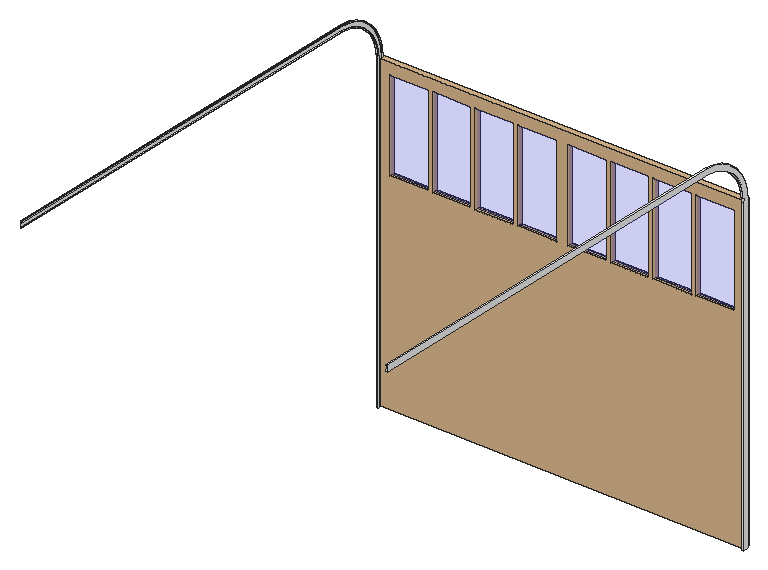
Revit family
Parameters (values of type "7Ft H x 8Ft W")
  Track Width = Width + 0' 2"  # 8' - 2"
  Track Height = Height + 1' 0"  # 8' - 0"
  Track Depth = 10' - 0"
  Track = Metal
  SmartBIM Object Version = 1  # constant formula
  SmartBIM Object Created By = "Reed Construction Data"  # constant formula
  Rough Width = 0' - 0"
  Rough Height = 0' - 0"
  Panel Thickness = 0' - 1 1/2"
  Manufacturer = ""
  Height = 7' - 0"
  Wall Closure = (empty or 0)
  Width = 8' - 0"
  Door Glass = Glass
  Door = Wood
  95 CSI = "08360"  # constant formula
  04 CSI = "08 36 13"  # constant formula
Types (3): name | Track Width | Width
  (no name) | 8' - 2" | 8' - 0"
  7Ft H x 8Ft W | 8' - 2" | 8' - 0"
  7Ft H x 16Ft W | 16' - 2" | 16' - 0"
Reference planes (in)
  plane 1 "Center (Front/Back)": y = 0
  plane 2 "Center (Left/Right)": x = 0
  plane 3 "Left": x = -48
  plane 4 "Right": x = 48
  plane 5 "Top": z = 84
  plane 6: x = -49
  plane 7: x = 49
  plane 8: y = -3.25
  plane 9: z = 29
  plane 10: z = 81
  plane 11: y = -2.5
  plane 12: y = -2.5
  plane 13 "Interior Edge": y = -3.25
  plane 14: y = -2.5
  plane 15 "Exterior Edge": y = -1.75
  plane 16: x = -24
  plane 17: x = 24
  plane 18: z = 3
  plane 19: z = 55
  plane 20: x = 12
  plane 21: x = 36
  plane 22: x = -36
  plane 23: x = -12
  plane 24: z = 56.5
  plane 25: y = -2.5
  plane 26: z = 53
  plane 27: z = 30
  plane 28: z = 28
  plane 29: z = 4
  plane 30: x = 1.5
  plane 31: x = -1.5
  plane 32: x = -46.5
  plane 33: x = 46.5
Forms (in)
  Extrusion 1, solid, material "Wood" <- "Door"
    sketch origin (0, 0, 0) x (1, 0, 0) y (0, 0, 1)
      loop
        line (-49, 84) -> (-49, 0) -> (49, 0) -> (49, 84) -> (-49, 84)
      loop
        line (-36, 81) -> (-46.5, 81) -> (-46.5, 56.5) -> (-36, 56.5) -> (-36, 81)
      loop
        line (-24.5, 81) -> (-35, 81) -> (-35, 56.5) -> (-24.5, 56.5) -> (-24.5, 81)
      loop
        line (-13, 81) -> (-23.5, 81) -> (-23.5, 56.5) -> (-13, 56.5) -> (-13, 81)
      loop
        line (-1.5, 81) -> (-12, 81) -> (-12, 56.5) -> (-1.5, 56.5) -> (-1.5, 81)
      loop
        line (1.5, 81) -> (1.5, 56.5) -> (12, 56.5) -> (12, 81) -> (1.5, 81)
      loop
        line (13, 81) -> (13, 56.5) -> (23.5, 56.5) -> (23.5, 81) -> (13, 81)
      loop
        line (24.5, 81) -> (24.5, 56.5) -> (35, 56.5) -> (35, 81) -> (24.5, 81)
      loop
        line (36, 81) -> (36, 56.5) -> (46.5, 56.5) -> (46.5, 81) -> (36, 81)
    from 1.75 to 3.25
  Extrusion 2, solid, material "Glass" <- "Door Glass"
    sketch origin (0, -3.25, 0) x (1, 0, 0) y (0, 0, 1)
      loop
        line (-46.5, 56.5) -> (-36, 56.5) -> (-36, 81) -> (-46.5, 81) -> (-46.5, 56.5)
      loop
        line (-35, 56.5) -> (-24.5, 56.5) -> (-24.5, 81) -> (-35, 81) -> (-35, 56.5)
      loop
        line (-23.5, 56.5) -> (-13, 56.5) -> (-13, 81) -> (-23.5, 81) -> (-23.5, 56.5)
      loop
        line (-12, 56.5) -> (-1.5, 56.5) -> (-1.5, 81) -> (-12, 81) -> (-12, 56.5)
      loop
        line (1.5, 56.5) -> (12, 56.5) -> (12, 81) -> (1.5, 81) -> (1.5, 56.5)
      loop
        line (13, 81) -> (13, 56.5) -> (23.5, 56.5) -> (23.5, 81) -> (13, 81)
      loop
        line (24.5, 81) -> (24.5, 56.5) -> (35, 56.5) -> (35, 81) -> (24.5, 81)
      loop
        line (36, 81) -> (36, 56.5) -> (46.5, 56.5) -> (46.5, 81) -> (36, 81)
    from -1 to -0.5
Lines and regions (in)
  Opening 1
    outline origin (-90, -1.75, 0) x (1, 0, 0) y (0, 0, 1)
      loop
        line (42, 0) -> (138, 0) -> (138, 84) -> (42, 84) -> (42, 0)
  model lines
    curve 1: line (48, -1.75, 53) -> (48, -1.75, 30)
    curve 2: line (-1.5, -1.75, 50.04319) -> (-1.5, -1.75, 30)
    curve 3: line (-46.5, -1.75, 30) -> (-46.5, -1.75, 50.04319)
    curve 4: line (46.5, -1.75, 4) -> (1.5, -1.75, 4)
    curve 5: line (46.5, -1.75, 28) -> (46.5, -1.75, 4)
    curve 6: line (27.17462, -1.75, 28) -> (46.5, -1.75, 28)
    curve 7: line (1.5, -1.75, 4) -> (1.5, -1.75, 28)
    curve 8: line (-1.5, -1.75, 28) -> (-1.5, -1.75, 6.95681)
    curve 9: line (-46.5, -1.75, 6.95681) -> (-46.5, -1.75, 28)
    curve 10: line (46.5, -1.75, 53) -> (1.5, -1.75, 53)
    curve 11: line (46.5, -1.75, 30) -> (46.5, -1.75, 53)
    curve 12: line (1.5, -1.75, 53) -> (1.5, -1.75, 30)
    curve 13: line (28.09299, -1.75, 30) -> (46.5, -1.75, 30)
    curve 18: line (24, -1.75, 25.54319) -> (4.21544, -1.75, 4)
    curve 19: line (43.78456, -1.75, 53) -> (24, -1.75, 31.45681)
    curve 20: line (4.21544, -1.75, 53) -> (24, -1.75, 31.45681)
    curve 21: line (24, -1.75, 25.54319) -> (43.78456, -1.75, 4)
    curve 22: line (1.5, -1.75, 50.04319) -> (19.90701, -1.75, 30)
    curve 23: line (46.5, -1.75, 50.04319) -> (28.09299, -1.75, 30)
    curve 24: line (19.90701, -1.75, 30) -> (1.5, -1.75, 30)
    curve 25: line (46.5, -1.75, 6.95681) -> (27.17462, -1.75, 28)
    curve 26: line (1.5, -1.75, 6.95681) -> (20.82538, -1.75, 28)
    curve 27: line (20.82538, -1.75, 28) -> (1.5, -1.75, 28)
    curve 28: line (-46.5, -1.75, 4) -> (-1.5, -1.75, 4)
    curve 29: line (-46.5, -1.75, 28) -> (-46.5, -1.75, 4)
    curve 30: line (-27.17462, -1.75, 28) -> (-46.5, -1.75, 28)
    curve 31: line (-1.5, -1.75, 4) -> (-1.5, -1.75, 28)
    curve 32: line (-46.5, -1.75, 53) -> (-1.5, -1.75, 53)
    curve 33: line (-46.5, -1.75, 30) -> (-46.5, -1.75, 53)
    curve 34: line (-1.5, -1.75, 53) -> (-1.5, -1.75, 30)
    curve 35: line (-28.09299, -1.75, 30) -> (-46.5, -1.75, 30)
    curve 36: line (-24, -1.75, 25.54319) -> (-4.21544, -1.75, 4)
    curve 37: line (-43.78456, -1.75, 53) -> (-24, -1.75, 31.45681)
    curve 38: line (-4.21544, -1.75, 53) -> (-24, -1.75, 31.45681)
    curve 39: line (-24, -1.75, 25.54319) -> (-43.86779, -1.75, 4)
    curve 40: line (-1.5, -1.75, 50.04319) -> (-19.90701, -1.75, 30)
    curve 41: line (-46.5, -1.75, 50.04319) -> (-28.09299, -1.75, 30)
    curve 42: line (-19.90701, -1.75, 30) -> (-1.5, -1.75, 30)
    curve 43: line (-46.5, -1.75, 6.95681) -> (-27.17462, -1.75, 28)
    curve 44: line (-1.5, -1.75, 6.95681) -> (-20.82538, -1.75, 28)
    curve 45: line (-20.82538, -1.75, 28) -> (-1.5, -1.75, 28)
    curve 46: line (-43.78456, -3.25, 53) -> (-24, -3.25, 31.45681)
    curve 47: line (-24, -3.25, 31.45681) -> (-4.21544, -3.25, 53)
    curve 48: line (-46.5, -3.25, 50.04319) -> (-28.09299, -3.25, 30)
    curve 49: line (-28.09299, -3.25, 30) -> (-46.5, -3.25, 30)
    curve 50: line (-46.5, -3.25, 30) -> (-46.5, -3.25, 53)
    curve 51: line (-1.5, -3.25, 50.04319) -> (-19.90701, -3.25, 30)
    curve 52: line (-19.90701, -3.25, 30) -> (-1.5, -3.25, 30)
    curve 53: line (-1.5, -3.25, 30) -> (-1.5, -3.25, 53)
    curve 54: line (-27.17462, -3.25, 28) -> (-46.5, -3.25, 28)
    curve 55: line (-46.5, -3.25, 28) -> (-46.5, -3.25, 4)
    curve 56: line (-46.5, -3.25, 6.95681) -> (-27.17462, -3.25, 28)
    curve 57: line (-43.86779, -3.25, 4) -> (-24, -3.25, 25.54319)
    curve 58: line (-24, -3.25, 25.54319) -> (-4.21544, -3.25, 4)
    curve 59: line (-1.5, -3.25, 6.95681) -> (-20.82538, -3.25, 28)
    curve 60: line (-20.82538, -3.25, 28) -> (-1.5, -3.25, 28)
    curve 61: line (-1.5, -3.25, 28) -> (-1.5, -3.25, 4)
    curve 62: line (1.5, -3.25, 6.95681) -> (20.82538, -3.25, 28)
    curve 63: line (20.82538, -3.25, 28) -> (1.5, -3.25, 28)
    curve 64: line (1.5, -3.25, 28) -> (1.5, -3.25, 4)
    curve 65: line (1.5, -3.25, 4) -> (46.5, -3.25, 4)
    curve 66: line (46.5, -3.25, 4) -> (46.5, -3.25, 28)
    curve 67: line (46.5, -3.25, 28) -> (27.17462, -3.25, 28)
    curve 68: line (27.17462, -3.25, 28) -> (46.5, -3.25, 6.95681)
    curve 69: line (43.78456, -3.25, 4) -> (24, -3.25, 25.54319)
    curve 70: line (24, -3.25, 25.54319) -> (4.21544, -3.25, 4)
    curve 71: line (4.21544, -3.25, 53) -> (24, -3.25, 31.45681)
    curve 72: line (24, -3.25, 31.45681) -> (43.78456, -3.25, 53)
    curve 73: line (1.5, -3.25, 50.04319) -> (19.90701, -3.25, 30)
    curve 74: line (19.90701, -3.25, 30) -> (1.5, -3.25, 30)
    curve 75: line (1.5, -3.25, 30) -> (1.5, -3.25, 53)
    curve 76: line (1.5, -3.25, 53) -> (46.5, -3.25, 53)
    curve 77: line (46.5, -3.25, 53) -> (46.5, -3.25, 30)
    curve 78: line (46.5, -3.25, 30) -> (28.09299, -3.25, 30)
    curve 79: line (28.09299, -3.25, 30) -> (46.5, -3.25, 50.04319)
    curve 80: line (-46.5, -3.25, 53) -> (-1.5, -3.25, 53)
    curve 81: line (-46.5, -3.25, 4) -> (-1.5, -3.25, 4)
  reference lines
    curve 14: line (1.5, -1.75, 53) -> (46.5, -1.75, 4)
    curve 15: line (46.5, -1.75, 53) -> (1.5, -1.75, 4)
    curve 16: line (-1.5, -1.75, 53) -> (-46.5, -1.75, 4)
    curve 17: line (-46.5, -1.75, 53) -> (-1.5, -1.75, 4)
Text (in)
  text "Exterior" at (-74.96733, 27.31104, 0), in view "Ref. Level"
  text "Interior" at (-76.69036, -30.31274, 0), in view "Ref. Level"
  text "Exterior" at (0, 40.15149, 123.01588), in view "Right"
  text "Interior" at (0, -64.39139, 123.01588), in view "Right"
  text "Interior" at (0, -31.01599, 123.00693), in view "Left"
  text "Exterior" at (0, 54.57065, 123.00693), in view "Left"
Dimensions and locks (in)
  equal spacing: plane 3 "Left", plane 2 "Center (Left/Right)", plane 4 "Right"
  "Width": plane 3 "Left" to plane 4 "Right"
  locked: plane 6 to plane 3 "Left" at 1
  locked: plane 4 "Right" to plane 7 at 1
  locked: plane 10 to plane 5 "Top" at 3
  plane 2 "Center (Left/Right)" to plane 4 "Right" = 4' - 0"
  plane 2 "Center (Left/Right)" to plane 3 "Left" = 4' - 0"
  host wall to plane 11 to plane 8 = 0' - 0 3/4", 0' - 0 3/4"
  equal spacing: plane 13 "Interior Edge", plane 14, plane 15 "Exterior Edge"
  "Panel Thickness": plane 15 "Exterior Edge" to plane 13 "Interior Edge"
  plane 5 "Top" to plane 10 = 0' - 3"
  equal spacing: plane 4 "Right", plane 21, plane 17, plane 20, plane 2 "Center (Left/Right)"
  equal spacing: plane 7, plane 2 "Center (Left/Right)", plane 6
  locked: plane 18 to level at 3
  locked: plane 6 to Extrusion 1 sketch curve at 2.5
  equal spacing: plane 3 "Left", plane 22, plane 16, plane 23, plane 2 "Center (Left/Right)"
  locked: plane 2 "Center (Left/Right)" to Extrusion 1 sketch curve at 1.5
  locked: plane 22 to Extrusion 1 sketch curve at 1
  locked: plane 23 to Extrusion 1 sketch curve at 1
  equal spacing: Extrusion 1 sketch curve, plane 16, Extrusion 1 sketch curve
  locked: Extrusion 1 sketch curve to plane 2 "Center (Left/Right)" at 1.5
  locked: Extrusion 1 sketch curve to plane 21 at 1
  locked: Extrusion 1 sketch curve to plane 20 at 1
  equal spacing: Extrusion 1 sketch curve, plane 17, Extrusion 1 sketch curve
  "Height": plane 5 "Top" to level
  locked: plane 24 to plane 19 at 1.5
  locked: Extrusion 1 sketch curve to plane 19 at 1.5
  equal spacing: Extrusion 2, plane 25, Extrusion 2
  locked: Extrusion 2 to Extrusion 2 at 0.5
  locked: plane 24 to plane 26 at 3.5
  locked: plane 27 to plane 28 at 2
  equal spacing: plane 27, plane 9, plane 28
  locked: plane 29 to plane 18 at 1
  locked: plane 5 "Top" to plane 24 at 27.5
  equal spacing: plane 19, plane 9, plane 18
  locked: plane 30 to plane 2 "Center (Left/Right)" at 1.5
  locked: plane 2 "Center (Left/Right)" to plane 31 at 1.5
  locked: plane 3 "Left" to plane 32 at 1.5
  locked: plane 33 to plane 4 "Right" at 1.5
  locked: curve 18 to curve 15 at 2
  locked: curve 15 to curve 26 at 2
  locked: curve 37 to curve 17 at 2
  locked: curve 17 to curve 41 at 2
  locked: curve 44 to curve 17 at 2
  locked: curve 17 to curve 36 at 2
  locked: curve 23 to curve 15 at 2
  locked: curve 15 to curve 19 at 2
  aligned and locked: plane 3 "Left" to Opening 1 sketch curve
  aligned and locked: plane 5 "Top" to Opening 1 sketch curve  (x2)
  aligned and locked: Opening 1 sketch curve to plane 4 "Right"
  aligned and locked: Opening 1 sketch curve to level
  aligned and locked: Extrusion 1 sketch curve to plane 6
  aligned and locked: Extrusion 1 sketch curve to plane 7
  aligned and locked: Extrusion 1 sketch curve to level
  aligned and locked: Extrusion 1 sketch curve to host wall
  aligned and locked: plane 11 to plane 12
  aligned and locked: host wall to plane 15 "Exterior Edge"
  aligned and locked: plane 12 to plane 14
  aligned and locked: plane 13 "Interior Edge" to Extrusion 1
  aligned and locked: Extrusion 1 to host wall
  aligned and locked: plane 10 to Extrusion 1 sketch curve
  aligned and locked: plane 22 to Extrusion 1 sketch curve
  aligned and locked: Extrusion 1 sketch curve to plane 23
  aligned and locked: Extrusion 1 sketch curve to plane 20
  aligned and locked: plane 21 to Extrusion 1 sketch curve
  aligned and locked: Extrusion 1 sketch curve to Extrusion 1 sketch curve  (x7)
  aligned and locked: Extrusion 2 sketch curve to Extrusion 1  (x32)
  aligned and locked: plane 25 to plane 14
  aligned and locked: curve 3 to plane 32
  aligned and locked: plane 28 to curve 9
  aligned and locked: curve 9 to plane 32
  aligned and locked: curve 12 to plane 30
  aligned and locked: curve 7 to plane 30
  aligned and locked: plane 28 to curve 6
  aligned and locked: curve 15 to curve 10
  aligned and locked: curve 4 to curve 15
  aligned and locked: plane 27 to curve 24
  aligned and locked: plane 28 to curve 27
  aligned and locked: curve 31 to plane 31
  aligned and locked: plane 28 to curve 45
  aligned and locked: curve 30 to plane 28
  aligned and locked: curve 29 to plane 32
  aligned and locked: curve 35 to plane 27
  aligned and locked: plane 27 to curve 42
  aligned and locked: plane 31 to curve 34
  aligned and locked: plane 26 to curve 32
  aligned and locked: curve 46 to curve 37
  aligned and locked: curve 47 to curve 38
  aligned and locked: curve 48 to curve 41
  aligned and locked: curve 49 to curve 35
  aligned and locked: curve 50 to curve 3
  aligned and locked: curve 51 to curve 40
  aligned and locked: curve 52 to curve 42
  aligned and locked: curve 53 to curve 2
  aligned and locked: curve 54 to curve 30
  aligned and locked: curve 55 to curve 9
  aligned and locked: curve 56 to curve 43
  aligned and locked: curve 57 to curve 39
  aligned and locked: curve 58 to curve 36
  aligned and locked: curve 59 to curve 44
  aligned and locked: curve 60 to curve 45
  aligned and locked: curve 61 to curve 8
  aligned and locked: curve 62 to curve 26
  aligned and locked: curve 63 to curve 27
  aligned and locked: curve 64 to curve 7
  aligned and locked: curve 65 to curve 4
  aligned and locked: curve 66 to curve 5
  aligned and locked: curve 67 to curve 6
  aligned and locked: curve 68 to curve 25
  aligned and locked: curve 69 to curve 21
  aligned and locked: curve 70 to curve 18
  aligned and locked: curve 71 to curve 20
  aligned and locked: curve 72 to curve 19
  aligned and locked: curve 73 to curve 22
  aligned and locked: curve 74 to curve 24
  aligned and locked: curve 75 to curve 12
  aligned and locked: curve 76 to curve 10
  aligned and locked: curve 77 to curve 11
  aligned and locked: curve 78 to curve 13
  aligned and locked: curve 79 to curve 23
  aligned and locked: curve 80 to curve 32
  aligned and locked: plane 29 to curve 81
  aligned and locked: plane 29 to curve 28
  aligned and locked: plane 14 to nested 1
  aligned and locked: nested 1 to plane 2 "Center (Left/Right)"
Automatic sketch dimensions
  Extrusion 1 sketch curve to plane 10 = 0' - 0"  (x7)
  Extrusion 1 sketch curve to plane 16 = 0' - 0 1/2"
  plane 4 "Right" to Extrusion 1 sketch curve = 0' - 1 1/2"
  Extrusion 1 sketch curve to plane 17 = 0' - 0 1/2"
  curve 17 to plane 26 = 0' - 0"
  curve 17 to plane 32 = 0' - 0"
  curve 16 to plane 29 = 0' - 0"
  curve 16 to plane 32 = 0' - 0"
  curve 16 to plane 26 = 0' - 0"
  curve 16 to plane 31 = 0' - 0"
  curve 17 to plane 29 = 0' - 0"
  curve 17 to plane 31 = 0' - 0"
  curve 15 to plane 29 = 0' - 0"
  curve 15 to plane 30 = 0' - 0"
  curve 14 to plane 26 = 0' - 0"
  curve 14 to plane 30 = 0' - 0"
  curve 15 to plane 26 = 0' - 0"
  curve 15 to plane 33 = 0' - 0"
  curve 14 to plane 29 = 0' - 0"
  curve 14 to plane 33 = 0' - 0"
  curve 23 to plane 27 = 0' - 0"
  curve 11 to plane 33 = 0' - 0"
  curve 25 to plane 33 = 0' - 0"
  curve 1 to plane 4 "Right" = 0' - 0"
  curve 1 to plane 27 = 0' - 0"
  curve 1 to plane 26 = 0' - 0"
  curve 21 to plane 17 = 0' - 0"
  curve 20 to plane 17 = 0' - 0"
  plane 30 to curve 20 = 0' - 2.71544"
  curve 22 to curve 26 = 0' - 0.91837"
  curve 25 to curve 13 = 0' - 0.91837"
  curve 36 to plane 16 = 0' - 0"
  curve 38 to plane 16 = 0' - 0"
  curve 41 to curve 30 = 0' - 0.91837"
  curve 44 to curve 42 = 0' - 0.91837"
  curve 2 to plane 26 = 0' - 2.95681"
  curve 21 to plane 33 = 0' - 2.71544"
  curve 5 to curve 25 = 0' - 2.95681"
  curve 22 to curve 10 = 0' - 2.95681"
  curve 38 to plane 31 = 0' - 2.71544"
  curve 28 to curve 39 = 0' - 2.63221"
  curve 43 to plane 29 = 0' - 2.95681"
Nested families (in)
  nested 1: "Door Track" at (-0.5, -64, 0), Width <- "Track Width", Height <- "Track Height", Depth <- "Track Depth", type "Door Track"
    with Width 8' - 2", Height 8' - 0", Depth 10' - 0"
Definition of nested family "Door Track"
  Parameters
    Width [instance] = 10' - 0"
    Track = Metal
    Height [instance] = 11' - 0"
    Depth [instance] = 8' - 0"
  Reference planes (in)
    plane 1 "Center (Front/Back)": y = 0
    plane 2: z = 0
    plane 3 "Center (Left/Right)": x = 0.5
    plane 4 "Back": y = 48
    plane 5 "Front": y = -48
    plane 6 "Left": x = -59.5
    plane 7 "Right": x = 60.5
    plane 8 "Top": z = 132
    plane 9 "Center (Up/Down)": z = 66
    plane 10: y = 48.75
    plane 11: y = 49.5
  Forms (in)
    Sweep 1, solid, material "Metal" <- "Track"
      path origin (60.5, 60, 48) x (0, 1, 0) y (0, 0, 1)
        loop
          line (-12, -48) -> (-12, 72)
          arc (-12, 72) -> (-15.51472, 80.48528) -> (-24, 84) r 12
          line (-24, 84) -> (-108, 84)
      profile origin (60.5, -6, 132) x (0, 0, -1) y (1, 0, 0)
        loop
          line (-1.5, 0) -> (-1.375, 0) -> (-1.375, 0.375) -> (-0.125, 0.375) -> (-0.125, 0) -> (0, 0) -> (0, 0.5) -> (-1.5, 0.5) -> (-1.5, 0)
    Sweep 2, solid, material "Metal" <- "Track"
      path origin (-59.5, 60, 48) x (0, 1, 0) y (0, 0, 1)
        loop
          line (-12, -48) -> (-12, 72)
          arc (-12, 72) -> (-15.51472, 80.48528) -> (-24, 84) r 12
          line (-24, 84) -> (-108, 84)
      profile origin (-59.5, -6, 132) x (0, 0, -1) y (1, 0, 0)
        loop
          line (-1.5, 0) -> (-1.5, -0.5) -> (0, -0.5) -> (0, 0) -> (-0.125, 0) -> (-0.125, -0.375) -> (-1.375, -0.375) -> (-1.375, 0) -> (-1.5, 0)
  Dimensions and locks (in)
    equal spacing: plane 6 "Left", plane 3 "Center (Left/Right)", plane 7 "Right"
    "Width": plane 6 "Left" to plane 7 "Right"
    equal spacing: plane 4 "Back", plane 1 "Center (Front/Back)", plane 5 "Front"
    "Depth": plane 4 "Back" to plane 5 "Front"
    "Height": plane 8 "Top" to plane 2
    equal spacing: plane 8 "Top", plane 9 "Center (Up/Down)", level
    locked: Sweep 2 sketch curve to Sweep 2 sketch curve at 0.125  (x3)
    locked: Sweep 2 sketch curve to Sweep 2 sketch curve at 0.5  (x2)
    locked: Sweep 2 sketch curve to Sweep 2 sketch curve at 1.5
    locked: Sweep 1 sketch curve to Sweep 1 sketch curve at 0.5  (x2)
    locked: Sweep 1 sketch curve to Sweep 1 sketch curve at 0.125  (x3)
    locked: Sweep 1 sketch curve to Sweep 1 sketch curve at 1.5
    equal spacing: plane 4 "Back", plane 10, plane 11
    locked: plane 10 to plane 11 at 0.75
    radius of Sweep 1 sketch curve = 1' - 0"
    radius of Sweep 2 sketch curve = 1' - 0"
    aligned and locked: plane 8 "Top" to Sweep 1 sketch curve  (x2)
    aligned and locked: plane 5 "Front" to Sweep 1 sketch curve
    aligned and locked: plane 4 "Back" to Sweep 1 sketch curve
    aligned and locked: plane 4 "Back" to Sweep 2 sketch curve
    aligned and locked: plane 5 "Front" to Sweep 2 sketch curve
    aligned and locked: level to Sweep 2 sketch curve
    aligned and locked: Sweep 2 sketch curve to profile plane  (x2)
    aligned and locked: Sweep 1 sketch curve to profile plane
    aligned and locked: plane 11 to Sweep 1
  Automatic sketch dimensions
    Sweep 1 sketch curve to level = 0' - 0"
    Sweep 2 sketch curve to plane 8 "Top" = 0' - 0"
